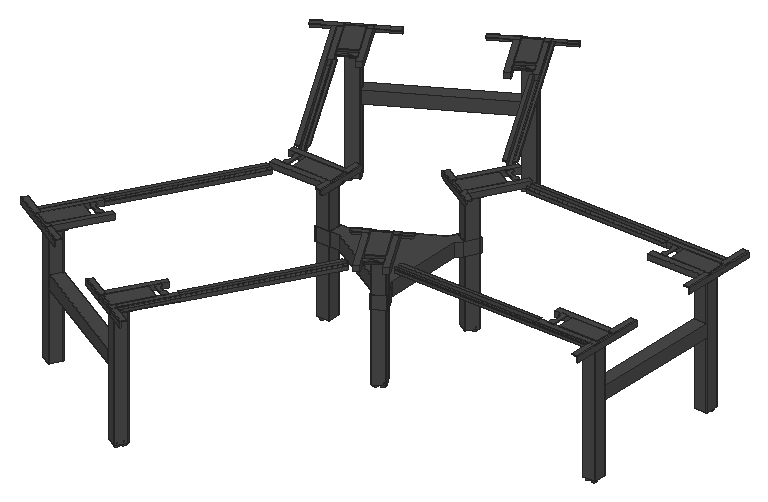
Revit family "Support-Teknion-HWBFYT_hiSpace_120_Frame-R2020", category Furniture, Revit 2020 (continued)
Dimensions and locks (in)
  Sweep 16 sketch curve to Sweep 16 sketch curve to Sweep 16 sketch curve to Sweep 16 sketch curve to plane 13 = 0.84344" locked, 2.15171" locked, 0.84344" locked, 5.95473" locked
  plane 15 to Sweep 16 sketch curve to Sweep 16 sketch curve to Sweep 16 sketch curve to Sweep 16 sketch curve = 5.95472" locked, 0.84344" locked, 2.15171" locked, 0.84344" locked
  plane 7 to Sweep 16 sketch curve to Sweep 16 sketch curve = 9.96018" locked, 1.1811" locked  (x2)
  plane 16 to Sweep 16 sketch curve to Sweep 16 sketch curve to Sweep 16 sketch curve to Sweep 16 sketch curve = 5.95472" locked, 0.84344" locked, 2.15171" locked, 0.84344" locked
  Sweep 16 sketch curve to Sweep 16 sketch curve to plane 5 "Right" = 1.1811" locked, 9.96018" locked  (x2)
  plane 11 to Sweep 16 sketch curve to Sweep 16 sketch curve to Sweep 16 sketch curve to Sweep 16 sketch curve = 5.95473" locked, 0.84344" locked, 2.15171" locked, 0.84344" locked
  plane 9 to Sweep 16 sketch curve to Sweep 16 sketch curve to Sweep 16 sketch curve to Sweep 16 sketch curve = 5.95469" locked, 0.84344" locked, 2.15171" locked, 0.84344" locked
  Sweep 16 sketch curve to Sweep 16 sketch curve to plane 18 = 1.1811" locked, 36.12354" locked
  Sweep 16 sketch curve to Sweep 16 sketch curve to plane 1 "Center Front/Back" to Sweep 16 sketch curve to Sweep 16 sketch curve = 0.84344" locked, 1.07586" locked, 1.07586" locked, 0.84344" locked
  Sweep 16 sketch curve to Sweep 16 sketch curve to plane 4 "Center 2" to Sweep 16 sketch curve to Sweep 16 sketch curve = 0.84344" locked, 1.07586" locked, 1.07586" locked, 0.84344" locked
  Sweep 16 sketch curve to Sweep 16 sketch curve to plane 3 "Center 1" = 1.1811" locked, 20.99855" locked  (x2)
  Sweep 16 sketch curve to Sweep 16 sketch curve to plane 3 "Center 1" to Sweep 16 sketch curve to Sweep 16 sketch curve = 0.84344" locked, 1.07586" locked, 1.07586" locked, 0.84344" locked
  plane 6 to Sweep 17 sketch curve to Sweep 17 sketch curve = 0.11766" locked, 12.59843" locked
  plane 12 to Sweep 17 sketch curve to Sweep 17 sketch curve to Sweep 17 sketch curve to Sweep 17 sketch curve = 4.76575" locked, 1.18898" locked, 3.83858" locked, 1.18898" locked
  Sweep 17 sketch curve to Sweep 17 sketch curve to Sweep 17 sketch curve to Sweep 17 sketch curve to plane 13 = 1.18898" locked, 3.83858" locked, 1.18898" locked, 4.76575" locked
  plane 8 "Top" to Sweep 17 sketch curve to Sweep 17 sketch curve = 0.01969" locked, 1.18898" locked
  Sweep 17 sketch curve to Sweep 17 sketch curve to plane 8 "Top" = 1.18898" locked, 0.01968" locked
  Sweep 18 sketch curve to Sweep 18 sketch curve to plane 5 "Right" = 12.59843" locked, 0.11766" locked
  plane 8 "Top" to Sweep 18 sketch curve to Sweep 18 sketch curve = 0.01969" locked, 1.18898" locked
  plane 8 "Top" to Sweep 18 sketch curve to Sweep 18 sketch curve = 0.01968" locked, 1.18898" locked
  plane 9 to Sweep 18 sketch curve to Sweep 18 sketch curve to Sweep 18 sketch curve to Sweep 18 sketch curve = 4.76575" locked, 1.18898" locked, 3.83858" locked, 1.18898" locked
  Sweep 18 sketch curve to Sweep 18 sketch curve to Sweep 18 sketch curve to Sweep 18 sketch curve to plane 11 = 1.18898" locked, 3.83858" locked, 1.18898" locked, 4.76575" locked
  Sweep 19 sketch curve to Sweep 19 sketch curve to plane 18 = 12.59843" locked, 26.28102" locked
  Sweep 19 sketch curve to Sweep 19 sketch curve to plane 1 "Center Front/Back" to Sweep 19 sketch curve to Sweep 19 sketch curve = 1.18898" locked, 1.91929" locked, 1.91929" locked, 1.18898" locked
  plane 8 "Top" to Sweep 19 sketch curve to Sweep 19 sketch curve = 0.01968" locked, 1.18898" locked
  Sweep 20 sketch curve to Sweep 20 sketch curve to plane 20 = 12.59843" locked, 26.28102" locked
  Sweep 20 sketch curve to Sweep 20 sketch curve to plane 4 "Center 2" to Sweep 20 sketch curve to Sweep 20 sketch curve = 1.18898" locked, 1.9192" locked, 1.91938" locked, 1.18898" locked
  plane 8 "Top" to Sweep 20 sketch curve to Sweep 20 sketch curve = 0.01968" locked, 1.18898" locked
  plane 19 to Sweep 21 sketch curve to Sweep 21 sketch curve = 26.28102" locked, 12.59843" locked
  Sweep 21 sketch curve to Sweep 21 sketch curve to plane 3 "Center 1" to Sweep 21 sketch curve to Sweep 21 sketch curve = 1.18898" locked, 1.91929" locked, 1.91929" locked, 1.18898" locked
  plane 8 "Top" to Sweep 21 sketch curve to Sweep 21 sketch curve = 0.01968" locked, 1.18898" locked
  Sweep 22 sketch curve to plane 3 "Center 1" to Sweep 22 sketch curve = 5.51181" locked, 5.51181" locked
  plane 19 to Sweep 22 sketch curve to Sweep 22 sketch curve to Sweep 22 sketch curve = 26.16291" locked, 0.11811" locked, 1.16142" locked
  plane 8 "Top" to Sweep 22 sketch curve to Sweep 22 sketch curve = 0.11811" locked, 1.10236" locked
  Sweep 23 sketch curve to plane 4 "Center 2" to Sweep 23 sketch curve = 5.51181" locked, 5.51181" locked
  plane 8 "Top" to Sweep 23 sketch curve to Sweep 23 sketch curve = 0.11811" locked, 1.10236" locked
  plane 20 to Sweep 23 sketch curve to Sweep 23 sketch curve to Sweep 23 sketch curve = 26.16291" locked, 0.11811" locked, 1.16142" locked
  Sweep 24 sketch curve to plane 1 "Center Front/Back" to Sweep 24 sketch curve = 5.51181" locked, 5.51181" locked
  plane 8 "Top" to Sweep 24 sketch curve to Sweep 24 sketch curve = 0.11811" locked, 1.10236" locked
  plane 18 to Sweep 24 sketch curve to Sweep 24 sketch curve to Sweep 24 sketch curve = 26.16291" locked, 0.11811" locked, 1.16142" locked
  locked: plane 8 "Top" to Sweep 25 sketch curve at 2.5
  Sweep 25 sketch curve to Sweep 25 sketch curve to plane 18 = 0.66929" locked, 26.77315" locked
  Sweep 25 sketch curve to Sweep 25 sketch curve to plane 1 "Center Front/Back" to Sweep 25 sketch curve to Sweep 25 sketch curve = 0.03937" locked, 1.92913" locked, 1.92913" locked, 0.03937" locked
  Sweep 25 sketch curve to Sweep 25 sketch curve to plane 1 "Center Front/Back" to Sweep 25 sketch curve to Sweep 25 sketch curve = 0.3937" locked, 5.11811" locked, 5.11811" locked, 0.3937" locked
  Sweep 25 sketch curve to Sweep 25 sketch curve to plane 3 "Center 1" to Sweep 25 sketch curve to Sweep 25 sketch curve = 0.3937" locked, 5.11811" locked, 5.11811" locked, 0.3937" locked
  locked: Sweep 25 sketch curve to plane 18 at 27.44244
  Sweep 25 sketch curve to Sweep 25 sketch curve to plane 3 "Center 1" to Sweep 25 sketch curve to Sweep 25 sketch curve = 0.03937" locked, 1.92913" locked, 1.92913" locked, 0.03937" locked
  plane 19 to Sweep 25 sketch curve to Sweep 25 sketch curve = 26.77315" locked, 0.66929" locked
  locked: Sweep 25 sketch curve to plane 19 at 27.44244
  Sweep 25 sketch curve to Sweep 25 sketch curve to plane 4 "Center 2" to Sweep 25 sketch curve to Sweep 25 sketch curve = 0.3937" locked, 5.11811" locked, 5.11811" locked, 0.3937" locked
  locked: plane 20 to Sweep 25 sketch curve at 27.44244
  Sweep 25 sketch curve to Sweep 25 sketch curve to plane 4 "Center 2" to Sweep 25 sketch curve to Sweep 25 sketch curve = 0.03937" locked, 1.92913" locked, 1.92913" locked, 0.03937" locked
  plane 20 to Sweep 25 sketch curve to Sweep 25 sketch curve = 26.77315" locked, 0.66929" locked
  locked: Sweep 26 sketch curve to plane 23 at 1.99803
  locked: Sweep 26 sketch curve to plane 24 at 1.99803
  plane 7 to Sweep 26 sketch curve to Sweep 26 sketch curve = 1.52068" locked, 2.71654" locked
  Sweep 26 sketch curve to Sweep 26 sketch curve to plane 2 = 2.71654" locked, 14.99055" locked
  locked: plane 22 to Sweep 27 sketch curve at 1.99803
  locked: plane 21 to Sweep 27 sketch curve at 1.99803
  Sweep 27 sketch curve to Sweep 27 sketch curve to plane 2 = 2.71654" locked, 14.99055" locked
  Sweep 27 sketch curve to Sweep 27 sketch curve to plane 5 "Right" = 2.71654" locked, 1.52068" locked
  locked: Sweep 28 sketch curve to plane 25 at 1.99803
  locked: Sweep 28 sketch curve to plane 26 at 1.99803
  plane 6 to Sweep 28 sketch curve to Sweep 28 sketch curve = 1.52068" locked, 2.71654" locked
  Sweep 28 sketch curve to Sweep 28 sketch curve to plane 2 = 2.71654" locked, 14.99055" locked
  Sweep 29 sketch curve to Sweep 29 sketch curve to plane 4 "Center 2" = 5.000" locked, 8.87501" locked
  Sweep 29 sketch curve to Sweep 29 sketch curve to plane 4 "Center 2" to Sweep 29 sketch curve to Sweep 29 sketch curve = 0.7874" locked, 4.72433" locked, 4.72448" locked, 0.7874" locked
  plane 8 "Top" to Sweep 29 sketch curve to Sweep 29 sketch curve = 0.43307" locked, 0.7874" locked
  Sweep 30 sketch curve to Sweep 30 sketch curve to plane 4 "Center 2" = 5.000" locked, 9.90157" locked
  Sweep 30 sketch curve to Sweep 30 sketch curve to plane 1 "Center Front/Back" to Sweep 30 sketch curve to Sweep 30 sketch curve = 0.7874" locked, 4.72441" locked, 4.72441" locked, 0.7874" locked
  plane 8 "Top" to Sweep 30 sketch curve to Sweep 30 sketch curve = 0.43307" locked, 0.7874" locked  (x2)
  Sweep 29 sketch curve to Sweep 29 sketch curve to plane 8 "Top" = 0.7874" locked, 0.43307" locked
  Sweep 31 sketch curve to Sweep 31 sketch curve to plane 3 "Center 1" = 5.000" locked, 9.90157" locked
  plane 8 "Top" to Sweep 31 sketch curve to Sweep 31 sketch curve = 0.43307" locked, 0.7874" locked  (x2)
  Sweep 31 sketch curve to Sweep 31 sketch curve to plane 3 "Center 1" to Sweep 31 sketch curve to Sweep 31 sketch curve = 0.7874" locked, 4.72441" locked, 4.72441" locked, 0.7874" locked
  Sweep 32 sketch curve to Sweep 32 sketch curve to plane 18 = 0.134" locked, 27.55005" locked
  Sweep 32 sketch curve to Sweep 32 sketch curve to plane 1 "Center Front/Back" to Sweep 32 sketch curve to Sweep 32 sketch curve = 0.71358" locked, 0.625" locked, 0.625" locked, 0.71358" locked
  plane 2 to Sweep 32 sketch curve to Sweep 32 sketch curve to Sweep 32 sketch curve = 16.11039" locked, 0.125" locked, 3.03232" locked
  Sweep 33 sketch curve to Sweep 33 sketch curve to plane 20 = 0.134" locked, 27.55005" locked
  Sweep 33 sketch curve to Sweep 33 sketch curve to Sweep 33 sketch curve to plane 2 = 3.03232" locked, 0.125" locked, 16.11039" locked
  Sweep 33 sketch curve to Sweep 33 sketch curve to plane 4 "Center 2" to Sweep 33 sketch curve to Sweep 33 sketch curve = 0.71358" locked, 0.62492" locked, 0.62508" locked, 0.71358" locked
  Sweep 34 sketch curve to Sweep 34 sketch curve to plane 19 = 0.134" locked, 27.55005" locked
  Sweep 34 sketch curve to Sweep 34 sketch curve to Sweep 34 sketch curve to plane 2 = 3.03232" locked, 0.125" locked, 16.11039" locked
  Sweep 34 sketch curve to Sweep 34 sketch curve to plane 3 "Center 1" to Sweep 34 sketch curve to Sweep 34 sketch curve = 0.71358" locked, 0.625" locked, 0.625" locked, 0.71358" locked
  Sweep 35 sketch curve to Sweep 35 sketch curve to plane 2 = 2.87402" locked, 14.97637" locked
  Sweep 36 sketch curve to Sweep 36 sketch curve to plane 2 = 2.87402" locked, 14.97637" locked
  Sweep 36 sketch curve to plane 1 "Center Front/Back" to Sweep 36 sketch curve = 1.41732" locked, 1.41732" locked
  Sweep 36 sketch curve to plane 4 "Center 2" to Sweep 36 sketch curve = 1.41732" locked, 1.41732" locked
  Sweep 36 sketch curve to plane 3 "Center 1" to Sweep 36 sketch curve = 1.41732" locked, 1.41732" locked
  plane 19 to Sweep 36 sketch curve to Sweep 36 sketch curve = 25.59728" locked, 1.71291" locked
  Sweep 36 sketch curve to Sweep 36 sketch curve to plane 18 = 1.71291" locked, 25.59728" locked
  plane 20 to Sweep 36 sketch curve to Sweep 36 sketch curve = 25.59728" locked, 1.71291" locked
  locked: Sweep 36 sketch curve to plane 18 at 25.59728
  locked: Sweep 36 sketch curve to plane 20 at 25.59728
  locked: plane 19 to Sweep 36 sketch curve at 25.59728
  Sweep 37 sketch curve to Sweep 37 sketch curve to plane 2 = 2.72402" locked, 15.05137" locked
  Sweep 37 sketch curve to Sweep 37 sketch curve to plane 18 = 1.80056" locked, 25.50964" locked
  locked: Sweep 37 sketch curve to plane 18 at 25.50964
  Sweep 37 sketch curve to Sweep 37 sketch curve to plane 20 = 1.80118" locked, 25.50902" locked
  locked: Sweep 37 sketch curve to plane 20 at 25.50968
  plane 19 to Sweep 37 sketch curve to Sweep 37 sketch curve = 25.51025" locked, 1.79994" locked
  locked: plane 19 to Sweep 37 sketch curve at 25.50902
  plane 2 to Sweep 38 sketch curve to Sweep 38 sketch curve = 14.52539" locked, 1.000" locked
  Sweep 38 sketch curve to Sweep 38 sketch curve to Sweep 38 sketch curve to Sweep 38 sketch curve to plane 18 = 1.7337" locked, 0.17164" locked, 1.750" locked, 23.65486" locked
  Sweep 38 sketch curve to Sweep 38 sketch curve to Sweep 38 sketch curve to plane 18 = 0.17164" locked, 1.750" locked, 23.65486" locked
  Sweep 38 sketch curve to Sweep 38 sketch curve to Sweep 38 sketch curve to Sweep 38 sketch curve to plane 20 = 1.7337" locked, 0.17163" locked, 1.750" locked, 23.65482" locked
  Sweep 38 sketch curve to Sweep 38 sketch curve to Sweep 38 sketch curve to Sweep 38 sketch curve to plane 20 = 1.7337" locked, 0.17165" locked, 1.750" locked, 23.6549" locked
  plane 19 to Sweep 38 sketch curve to Sweep 38 sketch curve to Sweep 38 sketch curve to Sweep 38 sketch curve = 23.65486" locked, 1.750" locked, 0.17164" locked, 1.7337" locked
  plane 19 to Sweep 38 sketch curve to Sweep 38 sketch curve to Sweep 38 sketch curve = 23.65486" locked, 1.750" locked, 0.17164" locked
  locked: plane 8 "Top" to Sweep 39 sketch curve at 1.49999
  locked: Sweep 39 sketch curve to Sweep 39 sketch curve at 11.02362  (x3)
  Sweep 39 sketch curve to plane 22 to Sweep 39 sketch curve = 0.67458" locked, 3.14431" locked
  Sweep 39 sketch curve to plane 23 to Sweep 39 sketch curve = 3.15369" locked, 0.66521" locked
  Sweep 39 sketch curve to plane 25 to Sweep 39 sketch curve = 3.14431" locked, 0.67458" locked
  "Distance for Electrical": plane 19 to Sweep 39 sketch curve
  "Distance for Electrical": plane 20 to Sweep 39 sketch curve
  "Distance for Electrical": plane 18 to Sweep 39 sketch curve
  locked: plane 15 to Sweep 40 sketch curve at 15.74803
  Sweep 40 sketch curve to plane 7 to Sweep 41 to Sweep 40 sketch curve = 0.00045" locked, 0.11766" locked, 1.16164" locked
  plane 8 "Top" to Sweep 40 sketch curve to Sweep 40 sketch curve = 0.11811" locked, 1.10236" locked
  locked: plane 16 to Sweep 41 sketch curve at 15.74803
  Sweep 41 sketch curve to plane 7 to Sweep 41 sketch curve to Sweep 41 sketch curve = 0.00052" locked, 0.11762" locked, 1.16145" locked
  plane 8 "Top" to Sweep 41 sketch curve to Sweep 41 sketch curve = 0.11811" locked, 1.10236" locked
  locked: plane 7 to Sweep 42 sketch curve at 1.409
  locked: plane 7 to Sweep 43 sketch curve at 12.909
  Sweep 44 sketch curve to Sweep 44 sketch curve to plane 7 = 12.59843" locked, 0.11766" locked
  plane 15 to Sweep 42 sketch curve to Sweep 42 sketch curve to Sweep 42 sketch curve = 4.01569" locked, 0.675" locked, 0.075" locked
  plane 8 "Top" to Sweep 42 sketch curve to Sweep 42 sketch curve = 0.075" locked, 1.0375" locked
  plane 8 "Top" to Sweep 44 sketch curve to Sweep 44 sketch curve = 0.01969" locked, 1.18898" locked
  plane 15 to Sweep 44 sketch curve to Sweep 44 sketch curve to Sweep 44 sketch curve to Sweep 44 sketch curve = 4.76564" locked, 1.18898" locked, 3.83858" locked, 1.18898" locked
  plane 7 to Sweep 45 sketch curve to Sweep 45 sketch curve = 0.11766" locked, 12.59843" locked
  Sweep 45 sketch curve to Sweep 45 sketch curve to plane 8 "Top" = 1.18898" locked, 0.01969" locked
  Sweep 45 sketch curve to Sweep 45 sketch curve to Sweep 45 sketch curve to Sweep 45 sketch curve to plane 16 = 1.18898" locked, 3.83858" locked, 1.18898" locked, 4.76585" locked
  locked: plane 7 to Sweep 46 sketch curve at 1.409
  plane 23 to Sweep 46 sketch curve to Sweep 46 sketch curve to Sweep 46 sketch curve = 2.46845" locked, 0.075" locked, 0.675" locked
  plane 8 "Top" to Sweep 46 sketch curve to Sweep 46 sketch curve = 0.075" locked, 1.0375" locked
  Sweep 43 sketch curve to Sweep 43 sketch curve to Sweep 43 sketch curve to Sweep 43 sketch curve to plane 16 = 0.675" locked, 0.075" locked, 1.050" locked, 4.69079" locked
  plane 8 "Top" to Sweep 43 sketch curve to Sweep 43 sketch curve to Sweep 43 sketch curve = 0.075" locked, 1.0375" locked, 0.075" locked
  locked: plane 7 to Sweep 47 sketch curve at 12.909
  plane 8 "Top" to Sweep 47 sketch curve to Sweep 47 sketch curve to Sweep 47 sketch curve = 0.075" locked, 1.0375" locked, 0.075" locked
  plane 15 to Sweep 47 sketch curve to Sweep 47 sketch curve to Sweep 47 sketch curve to Sweep 47 sketch curve = 4.69071" locked, 1.050" locked, 0.075" locked, 0.675" locked
  locked: plane 9 to Sweep 48 sketch curve at 15.74803
  plane 8 "Top" to Sweep 48 sketch curve to Sweep 48 sketch curve = 0.11811" locked, 1.10236" locked
  Sweep 48 sketch curve to Sweep 48 sketch curve to plane 5 "Right" to Sweep 48 sketch curve = 1.16142" locked, 0.11766" locked, 0.00045" locked
  locked: plane 11 to Sweep 49 sketch curve at 15.74803
  plane 8 "Top" to Sweep 49 sketch curve to Sweep 49 sketch curve = 0.11811" locked, 1.10236" locked
  Sweep 49 sketch curve to Sweep 49 sketch curve to plane 5 "Right" to Sweep 49 sketch curve = 1.16142" locked, 0.11766" locked, 0.00045" locked
  locked: Sweep 50 sketch curve to plane 5 "Right" at 1.409
  plane 8 "Top" to Sweep 50 sketch curve to Sweep 50 sketch curve = 0.075" locked, 1.0375" locked  (x2)
  plane 9 to Sweep 50 sketch curve to Sweep 50 sketch curve to Sweep 50 sketch curve = 4.01575" locked, 0.675" locked, 0.075" locked
  Sweep 50 sketch curve to Sweep 50 sketch curve to Sweep 50 sketch curve to plane 11 = 0.075" locked, 0.675" locked, 4.01575" locked
  locked: Sweep 51 sketch curve to plane 5 "Right" at 12.909
  plane 8 "Top" to Sweep 51 sketch curve to Sweep 51 sketch curve to Sweep 51 sketch curve = 0.075" locked, 1.0375" locked, 0.075" locked  (x2)
  Sweep 51 sketch curve to Sweep 51 sketch curve to Sweep 51 sketch curve to Sweep 51 sketch curve to plane 11 = 0.675" locked, 0.075" locked, 1.050" locked, 4.69075" locked
  plane 9 to Sweep 51 sketch curve to Sweep 51 sketch curve to Sweep 51 sketch curve to Sweep 51 sketch curve = 4.69075" locked, 1.050" locked, 0.075" locked, 0.675" locked
  locked: Sweep 52 sketch curve to plane 12 at 15.74803
  Sweep 52 sketch curve to plane 6 to Sweep 52 sketch curve to Sweep 52 sketch curve = 0.00045" locked, 0.11766" locked, 1.16142" locked
  plane 8 "Top" to Sweep 52 sketch curve to Sweep 52 sketch curve = 0.11811" locked, 1.10236" locked
  locked: Sweep 53 sketch curve to plane 13 at 15.74803
  plane 8 "Top" to Sweep 53 sketch curve to Sweep 53 sketch curve = 0.11811" locked, 1.10236" locked
  Sweep 53 sketch curve to plane 6 to Sweep 53 sketch curve to Sweep 53 sketch curve = 0.00045" locked, 0.11766" locked, 1.16142" locked
  locked: plane 6 to Sweep 54 sketch curve at 1.409
  plane 8 "Top" to Sweep 54 sketch curve to Sweep 54 sketch curve = 0.075" locked, 1.0375" locked
  Sweep 54 sketch curve to Sweep 54 sketch curve to Sweep 54 sketch curve to plane 13 = 0.075" locked, 0.675" locked, 4.01575" locked
  Sweep 54 sketch curve to Sweep 54 sketch curve to plane 8 "Top" = 1.0375" locked, 0.075" locked
  plane 12 to Sweep 54 sketch curve to Sweep 54 sketch curve to Sweep 54 sketch curve = 4.01575" locked, 0.675" locked, 0.075" locked
  locked: plane 6 to Sweep 55 sketch curve at 12.909
  plane 8 "Top" to Sweep 55 sketch curve to Sweep 55 sketch curve to Sweep 55 sketch curve = 0.075" locked, 1.0375" locked, 0.075" locked  (x2)
  plane 12 to Sweep 55 sketch curve to Sweep 55 sketch curve to Sweep 55 sketch curve to Sweep 55 sketch curve = 4.69075" locked, 1.050" locked, 0.075" locked, 0.675" locked
  Sweep 55 sketch curve to Sweep 55 sketch curve to Sweep 55 sketch curve to Sweep 55 sketch curve to plane 13 = 0.675" locked, 0.075" locked, 1.050" locked, 4.69075" locked
  locked: plane 8 "Top" to Sweep 56 sketch curve at 5
  Sweep 56 sketch curve to plane 25 to Sweep 56 sketch curve = 2.5689" locked, 1.28937" locked
  Sweep 56 sketch curve to plane 26 to Sweep 56 sketch curve = 2.5689" locked, 1.28937" locked
  locked: Sweep 56 sketch curve to plane 19 at 0.36084  (x4)
  Sweep 56 sketch curve to Sweep 56 sketch curve to Sweep 56 sketch curve to Sweep 56 sketch curve to plane 12 = 0.625" locked, 1.20625" locked, 0.64375" locked, 4.01575" locked
  Sweep 56 sketch curve to Sweep 56 sketch curve to Sweep 56 sketch curve to Sweep 56 sketch curve to plane 13 = 0.64375" locked, 1.1875" locked, 0.64375" locked, 4.01575" locked
  plane 6 to Sweep 56 sketch curve to Sweep 56 sketch curve = 0.60979" locked, 0.9109" locked
  Sweep 56 sketch curve to Sweep 56 sketch curve to plane 6 = 0.9109" locked, 0.60979" locked
  plane 9 to Sweep 56 sketch curve to Sweep 56 sketch curve to Sweep 56 sketch curve to Sweep 56 sketch curve = 4.01575" locked, 0.64375" locked, 1.1875" locked, 0.64375" locked
  plane 11 to Sweep 56 sketch curve to Sweep 56 sketch curve to Sweep 56 sketch curve to Sweep 56 sketch curve = 4.01575" locked, 0.64375" locked, 1.20625" locked, 0.625" locked
  locked: plane 18 to Sweep 56 sketch curve at 0.36084  (x4)
  Sweep 56 sketch curve to plane 22 to Sweep 56 sketch curve = 1.28937" locked, 2.5689" locked
  Sweep 56 sketch curve to plane 21 to Sweep 56 sketch curve = 1.28937" locked, 2.5689" locked
  Sweep 56 sketch curve to Sweep 56 sketch curve to plane 5 "Right" = 0.91089" locked, 0.60979" locked
  Sweep 56 sketch curve to Sweep 56 sketch curve to plane 5 "Right" = 0.9109" locked, 0.60979" locked
  plane 15 to Sweep 56 sketch curve to Sweep 56 sketch curve to Sweep 56 sketch curve to Sweep 56 sketch curve = 4.01575" locked, 0.64375" locked, 1.1875" locked, 0.64375" locked
  plane 16 to Sweep 56 sketch curve to Sweep 56 sketch curve to Sweep 56 sketch curve to Sweep 56 sketch curve = 4.01575" locked, 0.64375" locked, 1.20625" locked, 0.625" locked
  locked: plane 20 to Sweep 56 sketch curve at 0.36084  (x2)
  Sweep 56 sketch curve to plane 24 to Sweep 56 sketch curve = 2.5689" locked, 1.28937" locked
  Sweep 56 sketch curve to plane 23 to Sweep 56 sketch curve = 2.5689" locked, 1.28937" locked
  plane 7 to Sweep 56 sketch curve to Sweep 56 sketch curve = 0.60979" locked, 0.9109" locked  (x2)
  Sweep 57 sketch curve to Sweep 57 sketch curve to plane 22 = 0.31496" locked, 2.82935" locked
  Sweep 57 sketch curve to Sweep 57 sketch curve to plane 8 "Top" = 0.31496" locked, 1.18503" locked
  plane 8 "Top" to Sweep 58 sketch curve to Sweep 58 sketch curve = 1.18503" locked, 0.31496" locked
  Sweep 58 sketch curve to Sweep 58 sketch curve to plane 23 = 0.31496" locked, 2.83877" locked
  plane 8 "Top" to Sweep 59 sketch curve to Sweep 59 sketch curve = 1.18503" locked, 0.31496" locked
  plane 25 to Sweep 59 sketch curve to Sweep 59 sketch curve = 2.82935" locked, 0.31496" locked
  locked: plane 8 "Top" to Sweep 60 sketch curve at 0.17715
  Sweep 61 sketch curve to Sweep 61 sketch curve to plane 6 = 3.73228" locked, 3.99166" locked
  plane 14 to Sweep 61 sketch curve to Sweep 61 sketch curve to Sweep 61 sketch curve to Sweep 61 sketch curve = 0.000" locked, 0.15089" locked, 0.01163" locked, 0.23208" locked
  plane 8 "Top" to Sweep 61 sketch curve to Sweep 61 sketch curve to Sweep 61 sketch curve = 0.07873" locked, 0.09843" locked, 0.03557" locked
  Sweep 62 sketch curve to Sweep 62 sketch curve to plane 6 = 5.13386" locked, 3.29088" locked
  plane 8 "Top" to Sweep 62 sketch curve to Sweep 62 sketch curve to Sweep 62 sketch curve to Sweep 62 sketch curve = 0.05904" locked, 0.27192" locked, 0.58047" locked, 0.27192" locked
  Sweep 62 sketch curve to plane 14 to Sweep 62 sketch curve to Sweep 62 sketch curve to Sweep 62 sketch curve = 0.04228" locked, 0.4287" locked, 0.02115" locked, 0.47097" locked
  locked: plane 10 to Sweep 60 sketch curve at 1.64021
  Sweep 60 sketch curve to Sweep 60 sketch curve to plane 5 "Right" = 4.34646" locked, 3.68458" locked
  locked: plane 8 "Top" to Sweep 63 sketch curve at 0.17715
  Sweep 64 sketch curve to Sweep 64 sketch curve to plane 5 "Right" = 3.73228" locked, 3.99166" locked
  Sweep 64 sketch curve to Sweep 64 sketch curve to Sweep 64 sketch curve to plane 10 = 0.23208" locked, 0.01163" locked, 0.15085" locked
  plane 8 "Top" to Sweep 64 sketch curve to Sweep 64 sketch curve to Sweep 64 sketch curve = 0.07873" locked, 0.09843" locked, 0.03557" locked
  Sweep 65 sketch curve to Sweep 65 sketch curve to plane 5 "Right" = 5.13386" locked, 3.29087" locked
  Sweep 65 sketch curve to Sweep 65 sketch curve to Sweep 65 sketch curve to plane 10 to Sweep 65 sketch curve = 0.47097" locked, 0.02115" locked, 0.42865" locked, 0.04232" locked
  plane 8 "Top" to Sweep 65 sketch curve to Sweep 65 sketch curve to Sweep 65 sketch curve to Sweep 65 sketch curve = 0.05905" locked, 0.27192" locked, 0.58047" locked, 0.27192" locked
  Sweep 66 sketch curve to Sweep 66 sketch curve to plane 7 = 3.73228" locked, 3.99166" locked
  Sweep 66 sketch curve to Sweep 66 sketch curve to Sweep 66 sketch curve to plane 17 = 0.23208" locked, 0.01163" locked, 0.151" locked
  plane 8 "Top" to Sweep 66 sketch curve to Sweep 66 sketch curve to Sweep 66 sketch curve = 0.07873" locked, 0.09843" locked, 0.03557" locked
  plane 7 to Sweep 67 sketch curve to Sweep 67 sketch curve = 3.29088" locked, 5.13386" locked
  Sweep 67 sketch curve to Sweep 67 sketch curve to Sweep 67 sketch curve to plane 17 to Sweep 67 sketch curve = 0.47097" locked, 0.02115" locked, 0.4288" locked, 0.04217" locked
  plane 8 "Top" to Sweep 67 sketch curve to Sweep 67 sketch curve to Sweep 67 sketch curve to Sweep 67 sketch curve = 0.05904" locked, 0.27192" locked, 0.58047" locked, 0.27192" locked
  locked: plane 8 "Top" to Sweep 68 sketch curve at 0.17715
  locked: plane 17 to Sweep 68 sketch curve at 1.64005
  Sweep 68 sketch curve to Sweep 68 sketch curve to plane 7 = 4.34646" locked, 3.68458" locked
  locked: plane 8 "Top" to Sweep 69 sketch curve at 0.11811
  plane 10 to Sweep 69 sketch curve to Sweep 69 sketch curve to Sweep 69 sketch curve = 0.22766" locked, 0.29134" locked, 0.5315" locked
  Sweep 69 sketch curve to Sweep 69 sketch curve to Sweep 69 sketch curve to Sweep 69 sketch curve to plane 5 "Right" = 0.50197" locked, 0.84646" locked, 0.50197" locked, 4.93216" locked
  locked: plane 8 "Top" to Sweep 70 sketch curve at 0.11811
  locked: plane 8 "Top" to Sweep 71 sketch curve at 0.11811
  plane 6 to Sweep 71 sketch curve to Sweep 71 sketch curve to Sweep 71 sketch curve to Sweep 71 sketch curve = 4.93215" locked, 0.50197" locked, 0.84646" locked, 0.50147" locked
  locked: Sweep 71 sketch curve to plane 14 at 1.05037
  Sweep 71 sketch curve to Sweep 71 sketch curve to Sweep 71 sketch curve = 0.5315" locked, 0.29134" locked
  Sweep 72 sketch curve to Sweep 72 sketch curve to plane 5 "Right" = 0.50197" locked, 4.93216" locked
  plane 10 to Sweep 72 sketch curve to Sweep 72 sketch curve to Sweep 72 sketch curve to Sweep 72 sketch curve = 0.06624" locked, 0.16142" locked, 0.19291" locked, 0.28622" locked
  plane 8 "Top" to Sweep 72 sketch curve to Sweep 72 sketch curve to Sweep 72 sketch curve to Sweep 72 sketch curve = 0.11811" locked, 0.04331" locked, 0.03543" locked, 0.20748" locked
  plane 5 "Right" to Sweep 73 sketch curve to Sweep 73 sketch curve = 6.28059" locked, 0.50197" locked
  plane 5 "Right" to Sweep 74 sketch curve to Sweep 74 sketch curve = 4.55815" locked, 2.59843" locked
  Sweep 74 sketch curve to Sweep 74 sketch curve to Sweep 74 sketch curve to Sweep 74 sketch curve to plane 10 to Sweep 74 sketch curve = 0.22776" locked, 0.67702" locked, 0.08205" locked, 0.084" locked, 0.42057" locked
  plane 8 "Top" to Sweep 74 sketch curve to Sweep 74 sketch curve to Sweep 74 sketch curve to Sweep 74 sketch curve = 0.19685" locked, 0.3937" locked, 0.3655" locked, 0.27143" locked
  plane 7 to Sweep 75 sketch curve to Sweep 75 sketch curve = 4.93215" locked, 0.50197" locked
  plane 17 to Sweep 75 sketch curve to Sweep 75 sketch curve to Sweep 75 sketch curve to Sweep 75 sketch curve = 0.06611" locked, 0.16142" locked, 0.19291" locked, 0.28622" locked
  plane 8 "Top" to Sweep 75 sketch curve to Sweep 75 sketch curve to Sweep 75 sketch curve = 0.11811" locked, 0.07874" locked, 0.20748" locked
  Sweep 77 sketch curve to Sweep 77 sketch curve to plane 7 = 2.59843" locked, 4.55813" locked
  Sweep 77 sketch curve to Sweep 77 sketch curve to Sweep 77 sketch curve to Sweep 77 sketch curve to plane 17 to Sweep 77 sketch curve = 0.22776" locked, 0.67702" locked, 0.08205" locked, 0.08412" locked, 0.42045" locked
  plane 8 "Top" to Sweep 77 sketch curve to Sweep 77 sketch curve to Sweep 77 sketch curve to Sweep 77 sketch curve = 0.19685" locked, 0.3937" locked, 0.3655" locked, 0.27143" locked
  Sweep 76 sketch curve to Sweep 76 sketch curve to plane 7 = 0.50147" locked, 6.28058" locked
  Sweep 78 sketch curve to Sweep 78 sketch curve to plane 6 = 0.50147" locked, 6.28057" locked
  Sweep 78 sketch curve to Sweep 78 sketch curve to Sweep 78 sketch curve to Sweep 78 sketch curve to plane 14 = 0.28622" locked, 0.19291" locked, 0.16142" locked, 0.06622" locked
  plane 8 "Top" to Sweep 78 sketch curve to Sweep 78 sketch curve to Sweep 78 sketch curve to Sweep 78 sketch curve = 0.11811" locked, 0.04331" locked, 0.03543" locked, 0.20748" locked
  Sweep 79 sketch curve to Sweep 79 sketch curve to plane 6 = 0.50197" locked, 4.93215" locked
  Sweep 80 sketch curve to Sweep 80 sketch curve to plane 6 = 2.59843" locked, 4.55816" locked
  Sweep 80 sketch curve to plane 14 to Sweep 80 sketch curve to Sweep 80 sketch curve to Sweep 80 sketch curve to Sweep 80 sketch curve = 0.42055" locked, 0.08402" locked, 0.08205" locked, 0.67702" locked, 0.22776" locked
  plane 8 "Top" to Sweep 80 sketch curve to Sweep 80 sketch curve to Sweep 80 sketch curve to Sweep 80 sketch curve = 0.19685" locked, 0.3937" locked, 0.3655" locked, 0.27143" locked
  Sweep 81 sketch curve to Sweep 81 sketch curve to plane 2 = 25.25591" locked, 0.500" locked
  Sweep 81 sketch curve to Sweep 81 sketch curve to plane 20 = 2.71654" locked, 27.68406" locked
  Sweep 81 sketch curve to plane 4 "Center 2" to Sweep 81 sketch curve = 1.35826" locked, 1.35827" locked
  Sweep 81 sketch curve to plane 1 "Center Front/Back" to Sweep 81 sketch curve = 1.35825" locked, 1.35828" locked
  Sweep 81 sketch curve to Sweep 81 sketch curve to plane 18 = 2.71654" locked, 27.68405" locked
  plane 19 to Sweep 81 sketch curve to Sweep 81 sketch curve = 27.68404" locked, 2.71654" locked
  Sweep 81 sketch curve to plane 3 "Center 1" to Sweep 81 sketch curve = 1.35827" locked, 1.35826" locked
  plane 7 to Sweep 81 sketch curve to Sweep 81 sketch curve = 1.5207" locked, 2.71654" locked  (x2)
  plane 15 to Sweep 81 sketch curve to Sweep 81 sketch curve = 6.51573" locked, 2.71654" locked
  plane 16 to Sweep 81 sketch curve to Sweep 81 sketch curve = 6.51574" locked, 2.71654" locked
  Sweep 81 sketch curve to Sweep 81 sketch curve to plane 5 "Right" = 2.71654" locked, 1.52068" locked  (x2)
  plane 9 to Sweep 81 sketch curve to Sweep 81 sketch curve = 6.51575" locked, 2.71654" locked
  plane 11 to Sweep 81 sketch curve to Sweep 81 sketch curve = 6.51572" locked, 2.71654" locked
  plane 6 to Sweep 81 sketch curve to Sweep 81 sketch curve = 1.52067" locked, 2.71654" locked  (x2)
  Sweep 81 sketch curve to Sweep 81 sketch curve to plane 12 = 2.71654" locked, 6.51574" locked
  Sweep 81 sketch curve to Sweep 81 sketch curve to plane 13 = 2.71654" locked, 6.51573" locked
  plane 7 to Sweep 70 sketch curve to Sweep 70 sketch curve to Sweep 70 sketch curve to Sweep 70 sketch curve = 4.93216" locked, 0.50197" locked, 0.84646" locked, 0.50197" locked
  Sweep 70 sketch curve to Sweep 70 sketch curve to Sweep 70 sketch curve to plane 17 = 0.5315" locked, 0.29132" locked, 0.22754" locked
  locked: Sweep 63 sketch curve to plane 14 at 1.64003
  plane 6 to Sweep 63 sketch curve to Sweep 63 sketch curve = 3.68458" locked, 4.34646" locked
  Sweep 35 sketch curve to Sweep 35 sketch curve to Sweep 35 sketch curve to Sweep 35 sketch curve to plane 18 = 0.120" locked, 2.91339" locked, 0.120" locked, 27.3672" locked
  Sweep 35 sketch curve to Sweep 35 sketch curve to Sweep 35 sketch curve to plane 1 "Center Front/Back" to Sweep 35 sketch curve to Sweep 35 sketch curve to Sweep 35 sketch curve = 0.120" locked, 0.86614" locked, 0.51181" locked, 0.51181" locked, 0.86614" locked, 0.120" locked
  Sweep 35 sketch curve to Sweep 35 sketch curve to Sweep 35 sketch curve to plane 4 "Center 2" to Sweep 35 sketch curve to Sweep 35 sketch curve to Sweep 35 sketch curve = 0.120" locked, 0.86614" locked, 0.51181" locked, 0.51181" locked, 0.86614" locked, 0.120" locked
  Sweep 35 sketch curve to Sweep 35 sketch curve to Sweep 35 sketch curve to Sweep 35 sketch curve to plane 20 = 0.120" locked, 2.91339" locked, 0.120" locked, 27.3672" locked
  Sweep 35 sketch curve to Sweep 35 sketch curve to Sweep 35 sketch curve to plane 3 "Center 1" to Sweep 35 sketch curve to Sweep 35 sketch curve to Sweep 35 sketch curve = 0.120" locked, 0.86614" locked, 0.51181" locked, 0.51181" locked, 0.86614" locked, 0.120" locked
  plane 19 to Sweep 35 sketch curve to Sweep 35 sketch curve to Sweep 35 sketch curve to Sweep 35 sketch curve = 27.3672" locked, 0.120" locked, 2.91339" locked, 0.120" locked
  locked: plane 5 "Right" to nested 1 at 2.09107
  locked: nested 2 to plane 5 "Right" at 2.87895
  equal spacing: plane 18, nested 3, cut or joined group of Sweep 50, Sweep 51, Sweep 56
  equal spacing: plane 20, nested 4, cut or joined group of Sweep 42, Sweep 47, Sweep 56
  locked: nested 6 to plane 7 at 2.09107
  locked: plane 7 to nested 5 at 2.87895
  locked: nested 9 to plane 6 at 2.09107
  locked: plane 6 to nested 8 at 2.87895
  equal spacing: plane 19, nested 7, cut or joined group of Sweep 54, Sweep 55, Sweep 56
  locked: plane 8 "Top" to Sweep 5 sketch curve at 2.24409
  locked: Sweep 5 sketch curve to plane 2 at 22.43327
  locked: plane 8 "Top" to Sweep 16 sketch curve at 0.11811
  locked: plane 27 to plane 2 at 19.15
  locked: plane 8 "Top" to plane 28 at 2.24409
  equal spacing: plane 28, plane 29, plane 27
  aligned and locked: level to plane 2
  aligned and locked: plane 2 to Sweep 1 sketch curve
  aligned and locked: plane 24 to Sweep 1 sketch curve  (x2)
  aligned and locked: plane 23 to Sweep 1 sketch curve  (x2)
  aligned and locked: plane 21 to Sweep 1 sketch curve  (x2)
  aligned and locked: plane 22 to Sweep 1 sketch curve  (x2)
  aligned and locked: plane 26 to Sweep 1 sketch curve  (x2)
  aligned and locked: plane 25 to Sweep 1 sketch curve  (x2)
  aligned and locked: plane 22 to Sweep 2 sketch curve  (x2)
  aligned and locked: plane 21 to Sweep 2 sketch curve  (x2)
  aligned and locked: plane 23 to Sweep 2 sketch curve  (x2)
  aligned and locked: plane 24 to Sweep 2 sketch curve  (x2)
  aligned and locked: plane 25 to Sweep 2 sketch curve  (x2)
  aligned and locked: plane 26 to Sweep 2 sketch curve  (x2)
  aligned and locked: Sweep 3 sketch curve to plane 18
  aligned and locked: Sweep 1 sketch curve to plane 18
  aligned and locked: Sweep 4 sketch curve to plane 18
  aligned and locked: Sweep 5 sketch curve to plane 18
  aligned and locked: Sweep 6 sketch curve to plane 18
  aligned and locked: plane 18 to Sweep 7 sketch curve
  aligned and locked: plane 8 "Top" to Sweep 7 sketch curve
  aligned and locked: plane 18 to Sweep 8 sketch curve
  aligned and locked: plane 8 "Top" to Sweep 8 sketch curve
  aligned and locked: Sweep 9 sketch curve to plane 8 "Top"
  aligned and locked: Sweep 10 sketch curve to plane 18
  aligned and locked: Sweep 10 sketch curve to plane 8 "Top"
  aligned and locked: Sweep 11 sketch curve to plane 19
  aligned and locked: Sweep 11 sketch curve to plane 8 "Top"
  aligned and locked: Sweep 12 sketch curve to plane 19
  aligned and locked: Sweep 12 sketch curve to plane 8 "Top"
  aligned and locked: Sweep 9 sketch curve to plane 19
  aligned and locked: plane 20 to Sweep 13 sketch curve
  aligned and locked: Sweep 13 sketch curve to plane 8 "Top"
  aligned and locked: Sweep 14 sketch curve to plane 8 "Top"
  aligned and locked: Sweep 15 sketch curve to plane 8 "Top"
  aligned and locked: plane 18 to Sweep 16 sketch curve
  aligned and locked: Sweep 16 sketch curve to Sweep 16 sketch curve  (x9)
  aligned and locked: Sweep 17 sketch curve to plane 3 "Center 1"
  aligned and locked: Sweep 17 sketch curve to Sweep 17 sketch curve  (x4)
  aligned and locked: Sweep 18 sketch curve to plane 1 "Center Front/Back"
  aligned and locked: Sweep 18 sketch curve to Sweep 18 sketch curve  (x4)
  aligned and locked: Sweep 19 sketch curve to plane 1 "Center Front/Back"
  aligned and locked: Sweep 19 sketch curve to Sweep 19 sketch curve  (x2)
  aligned and locked: Sweep 20 sketch curve to plane 4 "Center 2"
  aligned and locked: Sweep 20 sketch curve to Sweep 20 sketch curve  (x2)
  aligned and locked: plane 3 "Center 1" to Sweep 21 sketch curve
  aligned and locked: Sweep 21 sketch curve to Sweep 21 sketch curve  (x2)
  aligned and locked: plane 19 to Sweep 22 sketch curve
  aligned and locked: Sweep 22 sketch curve to plane 8 "Top"
  aligned and locked: Sweep 23 sketch curve to plane 20
  aligned and locked: Sweep 23 sketch curve to plane 8 "Top"
  aligned and locked: plane 18 to Sweep 24 sketch curve
  aligned and locked: Sweep 24 sketch curve to plane 8 "Top"
  aligned and locked: Sweep 25 sketch curve to plane 18
  aligned and locked: plane 8 "Top" to Sweep 25 sketch curve
  aligned and locked: Sweep 25 sketch curve to Sweep 25 sketch curve  (x3)
  aligned and locked: Sweep 26 sketch curve to plane 7
  aligned and locked: Sweep 27 sketch curve to plane 5 "Right"
  aligned and locked: Sweep 28 sketch curve to plane 6
  aligned and locked: Sweep 29 sketch curve to plane 4 "Center 2"
  aligned and locked: plane 1 "Center Front/Back" to Sweep 30 sketch curve
  aligned and locked: plane 3 "Center 1" to Sweep 31 sketch curve
  aligned and locked: plane 1 "Center Front/Back" to Sweep 32 sketch curve
  aligned and locked: Sweep 32 sketch curve to Sweep 32 sketch curve
  aligned and locked: Sweep 33 sketch curve to plane 4 "Center 2"
  aligned and locked: Sweep 33 sketch curve to Sweep 33 sketch curve
  aligned and locked: Sweep 34 sketch curve to plane 3 "Center 1"
  aligned and locked: Sweep 34 sketch curve to Sweep 34 sketch curve
  aligned and locked: Sweep 35 sketch curve to plane 18
  aligned and locked: Sweep 35 sketch curve to Sweep 35 sketch curve  (x6)
  aligned and locked: Sweep 36 sketch curve to plane 18
  aligned and locked: Sweep 37 sketch curve to plane 18
  aligned and locked: Sweep 38 sketch curve to plane 18
  aligned and locked: Sweep 39 sketch curve to plane 18
  aligned and locked: plane 8 "Top" to Sweep 39 sketch curve
  aligned and locked: plane 7 to Sweep 40 sketch curve
  aligned and locked: plane 15 to Sweep 40 sketch curve
  aligned and locked: Sweep 40 sketch curve to plane 8 "Top"
  aligned and locked: plane 7 to Sweep 41 sketch curve
  aligned and locked: plane 16 to Sweep 41 sketch curve
  aligned and locked: Sweep 41 sketch curve to plane 8 "Top"
  aligned and locked: plane 20 to Sweep 42 sketch curve
  aligned and locked: plane 20 to Sweep 43 sketch curve
  aligned and locked: Sweep 14 sketch curve to plane 7
  aligned and locked: Sweep 15 sketch curve to plane 7
  aligned and locked: Sweep 42 sketch curve to plane 24
  aligned and locked: Sweep 44 sketch curve to plane 24
  aligned and locked: Sweep 44 sketch curve to Sweep 44 sketch curve  (x2)
  aligned and locked: Sweep 45 sketch curve to plane 23
  aligned and locked: Sweep 45 sketch curve to Sweep 45 sketch curve  (x2)
  aligned and locked: Sweep 46 sketch curve to plane 23
  aligned and locked: plane 20 to Sweep 46 sketch curve
  aligned and locked: Sweep 43 sketch curve to plane 23
  aligned and locked: Sweep 43 sketch curve to plane 8 "Top"
  aligned and locked: Sweep 47 sketch curve to plane 24
  aligned and locked: plane 20 to Sweep 47 sketch curve
  aligned and locked: plane 8 "Top" to Sweep 47 sketch curve
  aligned and locked: Sweep 48 sketch curve to plane 5 "Right"
  aligned and locked: plane 9 to Sweep 48 sketch curve
  aligned and locked: Sweep 48 sketch curve to plane 8 "Top"
  aligned and locked: Sweep 49 sketch curve to plane 5 "Right"
  aligned and locked: plane 11 to Sweep 49 sketch curve
  aligned and locked: plane 8 "Top" to Sweep 49 sketch curve
  aligned and locked: Sweep 50 sketch curve to plane 1 "Center Front/Back"
  aligned and locked: plane 18 to Sweep 50 sketch curve
  aligned and locked: plane 8 "Top" to Sweep 50 sketch curve  (x2)
  aligned and locked: plane 1 "Center Front/Back" to Sweep 51 sketch curve
  aligned and locked: plane 18 to Sweep 51 sketch curve
  aligned and locked: Sweep 51 sketch curve to plane 8 "Top"  (x2)
  aligned and locked: plane 6 to Sweep 52 sketch curve
  aligned and locked: plane 12 to Sweep 52 sketch curve
  aligned and locked: Sweep 52 sketch curve to plane 8 "Top"
  aligned and locked: plane 6 to Sweep 53 sketch curve
  aligned and locked: plane 13 to Sweep 53 sketch curve
  aligned and locked: Sweep 53 sketch curve to plane 8 "Top"
  aligned and locked: plane 19 to Sweep 54 sketch curve
  aligned and locked: Sweep 54 sketch curve to plane 3 "Center 1"
  aligned and locked: Sweep 54 sketch curve to plane 8 "Top"  (x2)
  aligned and locked: plane 19 to Sweep 55 sketch curve
  aligned and locked: Sweep 55 sketch curve to plane 3 "Center 1"
  aligned and locked: Sweep 55 sketch curve to plane 8 "Top"  (x2)
  aligned and locked: Sweep 56 sketch curve to plane 18  (x4)
  aligned and locked: plane 8 "Top" to Sweep 56 sketch curve
  aligned and locked: Sweep 56 sketch curve to plane 19
  aligned and locked: plane 19 to Sweep 56 sketch curve  (x3)
  aligned and locked: plane 18 to Sweep 56 sketch curve
  aligned and locked: plane 20 to Sweep 56 sketch curve
  aligned and locked: Sweep 56 sketch curve to plane 20  (x2)
  aligned and locked: Sweep 57 sketch curve to Sweep 39  (x4)
  aligned and locked: Sweep 58 sketch curve to cut or joined group of Sweep 39, Sweep 57, Sweep 58, Sweep 59  (x4)
  aligned and locked: Sweep 59 sketch curve to cut or joined group of Sweep 39, Sweep 57, Sweep 58, Sweep 59  (x4)
  aligned and locked: Sweep 60 sketch curve to plane 18
  aligned and locked: plane 8 "Top" to Sweep 60 sketch curve
  aligned and locked: plane 14 to Sweep 61 sketch curve
  aligned and locked: Sweep 62 sketch curve to plane 14
  aligned and locked: Sweep 60 sketch curve to plane 10
  aligned and locked: plane 8 "Top" to Sweep 63 sketch curve
  aligned and locked: plane 19 to Sweep 63 sketch curve
  aligned and locked: Sweep 64 sketch curve to plane 10
  aligned and locked: plane 10 to Sweep 64 sketch curve
  aligned and locked: Sweep 65 sketch curve to plane 10
  aligned and locked: Sweep 66 sketch curve to plane 17
  aligned and locked: plane 17 to Sweep 66 sketch curve
  aligned and locked: Sweep 67 sketch curve to plane 17
  aligned and locked: plane 8 "Top" to Sweep 68 sketch curve
  aligned and locked: Sweep 68 sketch curve to plane 20
  aligned and locked: Sweep 68 sketch curve to plane 17
  aligned and locked: plane 18 to Sweep 69 sketch curve
  aligned and locked: plane 8 "Top" to Sweep 69 sketch curve
  aligned and locked: Sweep 69 sketch curve to Sweep 69 sketch curve
  aligned and locked: Sweep 70 sketch curve to plane 4 "Center 2"
  aligned and locked: plane 8 "Top" to Sweep 70 sketch curve
  aligned and locked: plane 8 "Top" to Sweep 71 sketch curve
  aligned and locked: Sweep 71 sketch curve to plane 3 "Center 1"
  aligned and locked: Sweep 71 sketch curve to Sweep 71 sketch curve
  aligned and locked: plane 10 to Sweep 72 sketch curve
  aligned and locked: plane 8 "Top" to Sweep 72 sketch curve
  aligned and locked: plane 10 to Sweep 73 sketch curve
  aligned and locked: Sweep 73 sketch curve to Sweep 72  (x7)
  aligned and locked: plane 10 to Sweep 74 sketch curve
  aligned and locked: plane 17 to Sweep 75 sketch curve
  aligned and locked: plane 8 "Top" to Sweep 75 sketch curve
  aligned and locked: plane 17 to Sweep 76 sketch curve
  aligned and locked: Sweep 76 sketch curve to Sweep 75  (x7)
  aligned and locked: plane 17 to Sweep 77 sketch curve
  aligned and locked: plane 14 to Sweep 78 sketch curve
  aligned and locked: plane 8 "Top" to Sweep 78 sketch curve
  aligned and locked: plane 14 to Sweep 79 sketch curve
  aligned and locked: Sweep 79 sketch curve to Sweep 78  (x7)
  aligned and locked: Sweep 80 sketch curve to plane 14
  aligned and locked: Sweep 81 sketch curve to plane 18
  aligned and locked: Masking region 1 sketch curve to cut or joined group of Sweep 39, Sweep 57, Sweep 58, Sweep 59  (x12)
  aligned and locked: Sweep 70 sketch curve to Sweep 70 sketch curve
  aligned and locked: Sweep 63 sketch curve to plane 14
  aligned and locked: Sweep 60 to Masking region 2 sketch curve
  aligned and locked: Masking region 2 sketch curve to Sweep 60  (x2)
  aligned and locked: cut or joined group of Sweep 64, Sweep 65 to Masking region 2 sketch curve
  aligned and locked: Masking region 2 sketch curve to cut or joined group of Sweep 64, Sweep 65  (x4)
  aligned and locked: Masking region 2 sketch curve to Sweep 68  (x3)
  aligned and locked: Masking region 2 sketch curve to cut or joined group of Sweep 66, Sweep 67  (x4)
  aligned and locked: cut or joined group of Sweep 66, Sweep 67 to Masking region 2 sketch curve
  aligned and locked: Masking region 2 sketch curve to Sweep 63  (x3)
  aligned and locked: Masking region 2 sketch curve to cut or joined group of Sweep 61, Sweep 62  (x5)
  aligned and locked: curve 1 to Sweep 68
  aligned and locked: Sweep 68 to curve 2  (x2)
  aligned and locked: curve 3 to Sweep 68  (x2)
  aligned and locked: curve 4 to cut or joined group of Sweep 66, Sweep 67
  aligned and locked: curve 5 to cut or joined group of Sweep 64, Sweep 65
  aligned and locked: curve 6 to Sweep 60
  aligned and locked: curve 7 to Sweep 60
  aligned and locked: curve 8 to Sweep 60  (x2)
  aligned and locked: curve 10 to Sweep 63
  aligned and locked: curve 11 to Sweep 63
  aligned and locked: curve 12 to Sweep 63
  aligned and locked: Sweep 60 to curve 7
  aligned and locked: cut or joined group of Sweep 66, Sweep 67 to curve 4  (x2)
  aligned and locked: cut or joined group of Sweep 61, Sweep 62 to curve 9  (x2)
  aligned and locked: curve 13 to cut or joined group of Sweep 66, Sweep 67
  aligned and locked: curve 14 to cut or joined group of Sweep 66, Sweep 67
  aligned and locked: curve 15 to cut or joined group of Sweep 66, Sweep 67
  aligned and locked: curve 16 to cut or joined group of Sweep 64, Sweep 65
  aligned and locked: curve 17 to cut or joined group of Sweep 64, Sweep 65
  aligned and locked: curve 18 to cut or joined group of Sweep 64, Sweep 65
  aligned and locked: curve 19 to cut or joined group of Sweep 61, Sweep 62
  aligned and locked: curve 20 to cut or joined group of Sweep 61, Sweep 62
  aligned and locked: curve 21 to cut or joined group of Sweep 61, Sweep 62
  aligned and locked: curve 22 to cut or joined group of Sweep 61, Sweep 62
  aligned and locked: curve 23 to cut or joined group of Sweep 61, Sweep 62
  aligned and locked: curve 25 to cut or joined group of Sweep 64, Sweep 65
  aligned and locked: curve 26 to cut or joined group of Sweep 64, Sweep 65
  aligned and locked: curve 27 to cut or joined group of Sweep 64, Sweep 65
  aligned and locked: cut or joined group of Sweep 66, Sweep 67 to curve 28  (x3)
  aligned and locked: curve 29 to cut or joined group of Sweep 66, Sweep 67
  aligned and locked: cut or joined group of Sweep 66, Sweep 67 to curve 30
  aligned and locked: curve 30 to cut or joined group of Sweep 66, Sweep 67  (x2)
  aligned and locked: Masking region 3 sketch curve to Sweep 69  (x4)
  aligned and locked: Sweep 69 to Masking region 3 sketch curve  (x2)
  aligned and locked: cut or joined group of Sweep 72, Sweep 73, Sweep 74 to Masking region 3 sketch curve  (x2)
  aligned and locked: Masking region 3 sketch curve to cut or joined group of Sweep 72, Sweep 73, Sweep 74  (x4)
  aligned and locked: Masking region 3 sketch curve to cut or joined group of Sweep 78, Sweep 79, Sweep 80  (x4)
  aligned and locked: cut or joined group of Sweep 78, Sweep 79, Sweep 80 to Masking region 3 sketch curve  (x2)
  aligned and locked: Masking region 3 sketch curve to Sweep 71  (x4)
  aligned and locked: Sweep 71 to Masking region 3 sketch curve  (x2)
  aligned and locked: cut or joined group of Sweep 75, Sweep 76, Sweep 77 to Masking region 3 sketch curve
  aligned and locked: Sweep 70 to Masking region 3 sketch curve
  aligned and locked: Masking region 3 sketch curve to Sweep 70  (x5)
  aligned and locked: Masking region 3 sketch curve to cut or joined group of Sweep 75, Sweep 76, Sweep 77  (x5)
  aligned and locked: curve 31 to cut or joined group of Sweep 78, Sweep 79, Sweep 80
  aligned and locked: curve 32 to Sweep 71
  aligned and locked: curve 33 to Sweep 71
  aligned and locked: curve 34 to Sweep 71
  aligned and locked: cut or joined group of Sweep 78, Sweep 79, Sweep 80 to curve 35
  aligned and locked: curve 36 to Sweep 71
  aligned and locked: curve 37 to Sweep 71
  aligned and locked: curve 38 to Sweep 71
  aligned and locked: curve 39 to cut or joined group of Sweep 78, Sweep 79, Sweep 80
  aligned and locked: curve 40 to cut or joined group of Sweep 72, Sweep 73, Sweep 74
  aligned and locked: curve 41 to Sweep 69
  aligned and locked: curve 42 to Sweep 69
  aligned and locked: curve 43 to Sweep 69
  aligned and locked: curve 44 to cut or joined group of Sweep 72, Sweep 73, Sweep 74
  aligned and locked: curve 45 to Sweep 69
  aligned and locked: curve 46 to cut or joined group of Sweep 72, Sweep 73, Sweep 74
  aligned and locked: curve 48 to Sweep 69
  aligned and locked: cut or joined group of Sweep 75, Sweep 76, Sweep 77 to curve 49  (x3)
  aligned and locked: curve 50 to Sweep 70
  aligned and locked: curve 51 to Sweep 70
  aligned and locked: curve 52 to Sweep 70  (x2)
  aligned and locked: curve 53 to Sweep 70
  aligned and locked: curve 54 to Sweep 70
  aligned and locked: curve 55 to Sweep 70  (x2)
  aligned and locked: curve 56 to cut or joined group of Sweep 75, Sweep 76, Sweep 77
  aligned and locked: curve 57 to cut or joined group of Sweep 75, Sweep 76, Sweep 77
  aligned and locked: Sweep 70 to curve 51
  aligned and locked: Sweep 70 to curve 53
  aligned and locked: cut or joined group of Sweep 75, Sweep 76, Sweep 77 to curve 58  (x3)
  aligned and locked: cut or joined group of Sweep 75, Sweep 76, Sweep 77 to curve 59  (x3)
  aligned and locked: cut or joined group of Sweep 75, Sweep 76, Sweep 77 to curve 60  (x3)
  aligned and locked: curve 61 to cut or joined group of Sweep 75, Sweep 76, Sweep 77
  aligned and locked: curve 62 to cut or joined group of Sweep 75, Sweep 76, Sweep 77
  aligned and locked: curve 63 to cut or joined group of Sweep 75, Sweep 76, Sweep 77
  aligned and locked: cut or joined group of Sweep 75, Sweep 76, Sweep 77 to curve 64
  aligned and locked: curve 65 to cut or joined group of Sweep 72, Sweep 73, Sweep 74
  aligned and locked: curve 66 to cut or joined group of Sweep 72, Sweep 73, Sweep 74
  aligned and locked: curve 67 to cut or joined group of Sweep 72, Sweep 73, Sweep 74
  aligned and locked: curve 68 to cut or joined group of Sweep 72, Sweep 73, Sweep 74
  aligned and locked: curve 69 to cut or joined group of Sweep 72, Sweep 73, Sweep 74
  aligned and locked: curve 70 to cut or joined group of Sweep 72, Sweep 73, Sweep 74
  aligned and locked: curve 71 to cut or joined group of Sweep 78, Sweep 79, Sweep 80
  aligned and locked: curve 72 to cut or joined group of Sweep 78, Sweep 79, Sweep 80
  aligned and locked: curve 73 to cut or joined group of Sweep 78, Sweep 79, Sweep 80
  aligned and locked: curve 74 to cut or joined group of Sweep 78, Sweep 79, Sweep 80
  aligned and locked: curve 75 to cut or joined group of Sweep 78, Sweep 79, Sweep 80
  aligned and locked: curve 76 to cut or joined group of Sweep 78, Sweep 79, Sweep 80
  aligned and locked: Sweep 70 to curve 64
  aligned and locked: Sweep 70 to curve 61
  aligned and locked: cut or joined group of Sweep 75, Sweep 76, Sweep 77 to curve 62
  aligned and locked: Masking region 4 sketch curve to cut or joined group of Sweep 24, Sweep 25, Sweep 30  (x7)
  aligned and locked: cut or joined group of Sweep 24, Sweep 25, Sweep 30 to Masking region 4 sketch curve  (x2)
  aligned and locked: Masking region 4 sketch curve to cut or joined group of Sweep 36, Sweep 37, Sweep 38  (x6)
  aligned and locked: cut or joined group of Sweep 36, Sweep 37, Sweep 38 to Masking region 4 sketch curve  (x9)
  aligned and locked: Sweep 16 to Masking region 4 sketch curve  (x16)
  aligned and locked: Masking region 4 sketch curve to Sweep 16  (x48)
  aligned and locked: Masking region 4 sketch curve to Sweep 10  (x2)
  aligned and locked: Masking region 4 sketch curve to Sweep 19  (x6)
  aligned and locked: Sweep 19 to Masking region 4 sketch curve  (x4)
  aligned and locked: Sweep 10 to Masking region 4 sketch curve
  aligned and locked: Masking region 4 sketch curve to cut or joined group of Sweep 23, Sweep 25, Sweep 29  (x7)
  aligned and locked: cut or joined group of Sweep 23, Sweep 25, Sweep 29 to Masking region 4 sketch curve  (x2)
  aligned and locked: Sweep 20 to Masking region 4 sketch curve  (x5)
  aligned and locked: Sweep 13 to Masking region 4 sketch curve
  aligned and locked: Masking region 4 sketch curve to Sweep 13  (x2)
  aligned and locked: Masking region 4 sketch curve to Sweep 20  (x5)
  aligned and locked: Masking region 4 sketch curve to cut or joined group of Sweep 22, Sweep 25, Sweep 31  (x8)
  aligned and locked: cut or joined group of Sweep 22, Sweep 25, Sweep 31 to Masking region 4 sketch curve
  aligned and locked: Sweep 21 to Masking region 4 sketch curve  (x5)
  aligned and locked: Masking region 4 sketch curve to Sweep 21  (x5)
  aligned and locked: Masking region 4 sketch curve to Sweep 9  (x3)
  aligned and locked: curve 77 to cut or joined group of Sweep 39, Sweep 57, Sweep 58, Sweep 59
  aligned and locked: curve 78 to cut or joined group of Sweep 39, Sweep 57, Sweep 58, Sweep 59
  aligned and locked: curve 79 to cut or joined group of Sweep 39, Sweep 57, Sweep 58, Sweep 59
  aligned and locked: curve 80 to cut or joined group of Sweep 39, Sweep 57, Sweep 58, Sweep 59
  aligned and locked: curve 81 to cut or joined group of Sweep 39, Sweep 57, Sweep 58, Sweep 59  (x2)
  aligned and locked: curve 82 to cut or joined group of Sweep 39, Sweep 57, Sweep 58, Sweep 59  (x2)
  aligned and locked: curve 83 to cut or joined group of Sweep 39, Sweep 57, Sweep 58, Sweep 59  (x2)
  aligned and locked: curve 84 to cut or joined group of Sweep 39, Sweep 57, Sweep 58, Sweep 59
  aligned and locked: cut or joined group of Sweep 39, Sweep 57, Sweep 58, Sweep 59 to curve 84
  aligned and locked: cut or joined group of Sweep 39, Sweep 57, Sweep 58, Sweep 59 to curve 81
  aligned and locked: cut or joined group of Sweep 39, Sweep 57, Sweep 58, Sweep 59 to curve 82
  aligned and locked: cut or joined group of Sweep 39, Sweep 57, Sweep 58, Sweep 59 to curve 83
  aligned and locked: curve 85 to cut or joined group of Sweep 39, Sweep 57, Sweep 58, Sweep 59
  aligned and locked: curve 86 to cut or joined group of Sweep 39, Sweep 57, Sweep 58, Sweep 59
  aligned and locked: curve 87 to cut or joined group of Sweep 39, Sweep 57, Sweep 58, Sweep 59
  aligned and locked: curve 88 to cut or joined group of Sweep 39, Sweep 57, Sweep 58, Sweep 59
  aligned and locked: curve 89 to cut or joined group of Sweep 39, Sweep 57, Sweep 58, Sweep 59  (x2)
  aligned and locked: curve 90 to cut or joined group of Sweep 39, Sweep 57, Sweep 58, Sweep 59  (x2)
  aligned and locked: curve 91 to cut or joined group of Sweep 39, Sweep 57, Sweep 58, Sweep 59  (x2)
  aligned and locked: curve 92 to cut or joined group of Sweep 39, Sweep 57, Sweep 58, Sweep 59  (x2)
  aligned and locked: cut or joined group of Sweep 39, Sweep 57, Sweep 58, Sweep 59 to curve 89
  aligned and locked: cut or joined group of Sweep 39, Sweep 57, Sweep 58, Sweep 59 to curve 92
  aligned and locked: cut or joined group of Sweep 39, Sweep 57, Sweep 58, Sweep 59 to curve 91
  aligned and locked: curve 93 to cut or joined group of Sweep 39, Sweep 57, Sweep 58, Sweep 59
  aligned and locked: curve 94 to cut or joined group of Sweep 39, Sweep 57, Sweep 58, Sweep 59
  aligned and locked: curve 95 to cut or joined group of Sweep 39, Sweep 57, Sweep 58, Sweep 59
  aligned and locked: curve 96 to cut or joined group of Sweep 39, Sweep 57, Sweep 58, Sweep 59
  aligned and locked: curve 97 to cut or joined group of Sweep 39, Sweep 57, Sweep 58, Sweep 59  (x2)
  aligned and locked: curve 98 to cut or joined group of Sweep 39, Sweep 57, Sweep 58, Sweep 59
  aligned and locked: curve 99 to cut or joined group of Sweep 39, Sweep 57, Sweep 58, Sweep 59  (x2)
  aligned and locked: curve 100 to cut or joined group of Sweep 39, Sweep 57, Sweep 58, Sweep 59  (x2)
  aligned and locked: cut or joined group of Sweep 39, Sweep 57, Sweep 58, Sweep 59 to curve 99
  aligned and locked: cut or joined group of Sweep 39, Sweep 57, Sweep 58, Sweep 59 to curve 100
  aligned and locked: cut or joined group of Sweep 39, Sweep 57, Sweep 58, Sweep 59 to curve 97
  aligned and locked: cut or joined group of Sweep 39, Sweep 57, Sweep 58, Sweep 59 to curve 98
  aligned and locked: Sweep 16 to curve 102
  aligned and locked: Sweep 16 to curve 101
  aligned and locked: Sweep 10 to curve 101
  aligned and locked: curve 102 to Sweep 10
  aligned and locked: curve 102 to Sweep 19
  aligned and locked: Sweep 19 to curve 101
  aligned and locked: curve 103 to Sweep 10  (x2)
  aligned and locked: curve 104 to Sweep 10  (x2)
  aligned and locked: Sweep 10 to curve 103
  aligned and locked: Sweep 10 to curve 104
  aligned and locked: curve 105 to cut or joined group of Sweep 24, Sweep 25, Sweep 30  (x3)
  aligned and locked: curve 106 to cut or joined group of Sweep 24, Sweep 25, Sweep 30
  aligned and locked: curve 109 to cut or joined group of Sweep 24, Sweep 25, Sweep 30
  aligned and locked: curve 110 to cut or joined group of Sweep 24, Sweep 25, Sweep 30
  aligned and locked: curve 111 to cut or joined group of Sweep 24, Sweep 25, Sweep 30
  aligned and locked: curve 112 to cut or joined group of Sweep 24, Sweep 25, Sweep 30
  aligned and locked: curve 113 to Sweep 10
  aligned and locked: cut or joined group of Sweep 36, Sweep 37, Sweep 38 to curve 113  (x2)
  aligned and locked: curve 114 to cut or joined group of Sweep 22, Sweep 25, Sweep 31  (x2)
  aligned and locked: curve 115 to cut or joined group of Sweep 22, Sweep 25, Sweep 31
  aligned and locked: curve 118 to cut or joined group of Sweep 22, Sweep 25, Sweep 31
  aligned and locked: curve 119 to cut or joined group of Sweep 22, Sweep 25, Sweep 31
  aligned and locked: cut or joined group of Sweep 22, Sweep 25, Sweep 31 to curve 120
  aligned and locked: curve 121 to cut or joined group of Sweep 22, Sweep 25, Sweep 31
  aligned and locked: Sweep 16 to curve 122
  aligned and locked: Sweep 9 to curve 122
  aligned and locked: curve 122 to Sweep 21
  aligned and locked: Sweep 16 to curve 123
  aligned and locked: curve 123 to Sweep 9
  aligned and locked: Sweep 21 to curve 123
  aligned and locked: curve 124 to Sweep 9  (x2)
  aligned and locked: curve 125 to Sweep 9  (x2)
  aligned and locked: Sweep 9 to curve 125
  aligned and locked: Sweep 9 to curve 124
  aligned and locked: cut or joined group of Sweep 36, Sweep 37, Sweep 38 to curve 126  (x2)
  aligned and locked: curve 126 to Sweep 9
  aligned and locked: Sweep 21 to curve 120
  aligned and locked: curve 127 to cut or joined group of Sweep 23, Sweep 25, Sweep 29  (x3)
